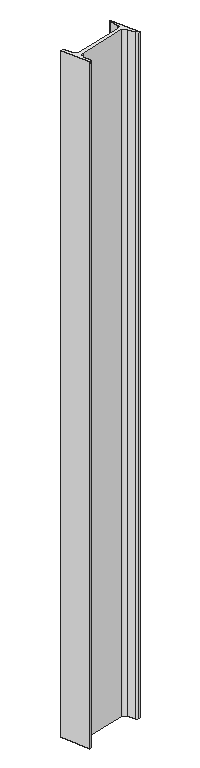
Revit family "M_S Formas-Coluna", category Pilares estruturais, Revit 2019
Family settings
  Forma do corte = Forma I do flange inclinado
  Material para o comportamento do modelo = Aço
  Exportar sempre como geometria = Não
  Redução da viga na planta = Da caixa de vinculação
  Family Name Key = M_S Shapes-Column
  Nome do código = AISC 14.1
  Número OmniClass = 23.25.30.11.14.11
  Título OmniClass = Columns
  ID de item do Seek = S-Shapes-Column-0000-CAN-ENU
  Corte com vazios quando carregada = Não
  Representação simbólica = Das configurações de projeto
  Compartilhado = Não
  Exibir o pré-corte da família na vista da planta = Sim
Parameters (values of type "S310X74")
  Largura = 139.00 mm
  Espessura da teia = 17.40 mm
  Concordância da teia = 16.70000 mm
  Constante da empena = 135000000000.0 mm6
  Momento de inércia de torção = 1150000.00 mm4
  Structural Material [instance] = Aço, 45-345
  Ângulo inclinado da flange = 9.46234°
  Chave do nome do corte = ""
  Área de corte = 9480.0 mm²
  Eixo fraco do módulo plástico = 169000.0 mm³
  Eixo forte do módulo plástico = 998000.0 mm³
  Peso nominal = 74.00 kgf/m
  Eixo fraco do momento de inércia = 6490000.00 mm4
  Eixo forte do momento de inércia = 126000000.00 mm4
  Altura = 305.00 mm
  Localização da espessura do flange = 30.40000 mm
  Espessura do flange = 16.70 mm
  Concordância do flange = 8.35000 mm
  Eixo fraco do módulo de elasticidade = 93200.0 mm³
  Eixo forte do módulo de elasticidade = 829000.0 mm³
  Centróide vertical = Altura / 2  # 152.50000 mm
  Centróide horizontal = Largura / 2  # 69.50000 mm
  Espaçamento do parafuso = 76.2 mm
  Assembly Code = ""
Reference planes
  plane 1: y = 0
  plane 2: z = 0
  plane 3: x = 0
  plane 4: y = 152.5
  plane 5: y = -152.5
  plane 6: x = -69.5
  plane 7: x = 69.5
  plane 8: y = 135.8
  plane 9: y = -135.8
  plane 10: x = -8.7
  plane 11: x = 8.7
Forms (mm)
  Sweep 1, solid, material "Aço, 45-345" <- "Structural Material", detail levels fine
    path origin (0, 0, 0) x (1, 0, 0) y (0, 0, 1)
      loop
        line (0, 0) -> (0, 3000)
    profile "S-Formas-Perfil-Fino : S-Formas-Perfil-Fino" origin (0, 0, 1500) x (-1, 0, 0) y (0, -1, 0)
      loop
        line (69.5, 147.94) -> (69.5, 152.5) -> (-69.5, 152.5) -> (-69.5, 147.94)
        arc (-69.5, 147.94) -> (-67.521, 142.543) -> (-62.523, 139.704) r 8.35
        line (-62.523, 139.704) -> (-39.1, 135.8) -> (-22.655, 133.059)
        arc (-22.655, 133.059) -> (-12.658, 127.381) -> (-8.7, 116.586) r 16.7
        line (-8.7, 116.586) -> (-8.7, -116.586)
        arc (-8.7, -116.586) -> (-12.658, -127.381) -> (-22.655, -133.059) r 16.7
        line (-22.655, -133.059) -> (-39.1, -135.8) -> (-62.523, -139.704)
        arc (-62.523, -139.704) -> (-67.521, -142.543) -> (-69.5, -147.94) r 8.35
        line (-69.5, -147.94) -> (-69.5, -152.5) -> (69.5, -152.5) -> (69.5, -147.94)
        arc (69.5, -147.94) -> (67.521, -142.543) -> (62.523, -139.704) r 8.35
        line (62.523, -139.704) -> (39.1, -135.8) -> (22.655, -133.059)
        arc (22.655, -133.059) -> (12.658, -127.381) -> (8.7, -116.586) r 16.7
        line (8.7, -116.586) -> (8.7, 116.586)
        arc (8.7, 116.586) -> (12.658, 127.381) -> (22.655, 133.059) r 16.7
        line (22.655, 133.059) -> (39.1, 135.8) -> (62.523, 139.704)
        arc (62.523, 139.704) -> (67.521, 142.543) -> (69.5, 147.94) r 8.35
  Sweep 2, solid, material "Aço, 45-345" <- "Structural Material", detail levels medium
    path origin (0, 0, 0) x (1, 0, 0) y (0, 0, 1)
      loop
        line (0, 3000) -> (0, 0)
    profile "S-Formas-Perfil-Médio : S-Formas-Perfil-Médio" origin (0, 0, 1500) x (1, 0, 0) y (0, -1, 0)
      loop
        line (69.5, 140.867) -> (69.5, 152.5) -> (-69.5, 152.5) -> (-69.5, 140.867) -> (-39.1, 135.8) -> (-8.7, 130.733) -> (-8.7, -130.733) -> (-39.1, -135.8) -> (-69.5, -140.867) -> (-69.5, -152.5) -> (69.5, -152.5) -> (69.5, -140.867) -> (39.1, -135.8) -> (8.7, -130.733) -> (8.7, 130.733) -> (39.1, 135.8) -> (69.5, 140.867)
Lines and regions (mm)
  symbolic lines, style "Faces ocultas", detail levels medium+fine
    curve 1: line (-8.7, 0, 0) -> (-8.7, 0, 3000)
    curve 2: line (8.7, 0, 3000) -> (8.7, 0, 0)
  symbolic lines, style "StructuralColumnStickSymbols", detail levels coarse
    curve 3: line (69.5, 152.5, 0) -> (-69.5, 152.5, 0)
    curve 4: line (-69.5, -152.5, 0) -> (69.5, -152.5, 0)
    curve 5: line (0, 152.5, 0) -> (0, -152.5, 0)
Dimensions and locks
  equal spacing: plane 5, plane 1, plane 4
  "Altura": plane 5 to plane 4
  equal spacing: plane 6, plane 3, plane 7
  "Largura": plane 6 to plane 7
  equal spacing: plane 10, plane 3, plane 11
  "Espessura da teia": plane 10 to plane 11
  "Espessura do flange": plane 8 to plane 4
  "Espessura do flange": plane 5 to plane 9
  aligned and locked: level to plane 2
  aligned and locked: plane 10 to curve 1
  aligned and locked: curve 2 to plane 11
  aligned and locked: plane 2 to curve 1
  aligned and locked: plane 2 to curve 2
  aligned and locked: curve 5 to plane 3
  aligned and locked: level to Sweep 1 sketch curve  (x2)
  aligned and locked: plane 3 to Sweep 1 sketch curve
  aligned and locked: level to Sweep 2 sketch curve  (x2)
  aligned and locked: Sweep 2 sketch curve to plane 3
Automatic sketch dimensions
  curve 3 to plane 6 = 0.00 mm
  curve 4 to plane 6 = 0.00 mm
  curve 4 to plane 7 = 0.00 mm
  curve 3 to plane 7 = 0.00 mm
  curve 2 to level = 0.00 mm
  curve 1 to level = 0.00 mm
  plane 5 to curve 4 = 0.00 mm
  plane 4 to curve 5 = 0.00 mm
Types in the file's own list only (27): name | Largura | Espessura da teia | Concordância da teia | Constante da empena | Momento de inércia de torção | Ângulo inclinado da flange | Chave do nome do corte | Área de corte | Eixo fraco do módulo plástico | Eixo forte do módulo plástico | Peso nominal | Eixo fraco do momento de inércia | Eixo forte do momento de inércia | Altura | Localização da espessura do flange | Espessura do flange | Concordância do flange | Eixo fraco do módulo de elasticidade | Eixo forte do módulo de elasticidade | Centróide vertical | Centróide horizontal | Espaçamento do parafuso
  S610X180 | 204.00000 mm | 20.30000 mm | 27.70000 mm | 3060000000000.0 mm6 | 5330000.00 mm4 | 9.46° | "S24X121" | 22900.0 mm² | 595000.0 mm³ | 5010000.0 mm³ | 180.00 kgf/m | 34500000.00 mm4 | 1320000000.00 mm4 | 622.00000 mm | 45.92500 mm | 27.70000 mm | 13.85000 mm | 338000.0 mm³ | 4230000.0 mm³ | 311.00000 mm | 102.00000 mm | 101.6 mm
  S610X158 | 200.00000 mm | 15.70000 mm | 27.70000 mm | 2820000000000.0 mm6 | 4200000.00 mm4 | 9.46° | "S24X106" | 20100.0 mm² | 547000.0 mm³ | 4570000.0 mm³ | 158.00 kgf/m | 32000000.00 mm4 | 1220000000.00 mm4 | 622.00000 mm | 46.07500 mm | 27.70000 mm | 13.85000 mm | 320000.0 mm³ | 3930000.0 mm³ | 311.00000 mm | 100.00000 mm | 101.6 mm
  S610X149 | 184.00000 mm | 18.90000 mm | 22.10000 mm | 1710000000000.0 mm6 | 3160000.00 mm4 | 9.46° | "S24X100" | 18900.0 mm² | 393000.0 mm³ | 3920000.0 mm³ | 149.00 kgf/m | 19700000.00 mm4 | 991000000.00 mm4 | 610.00000 mm | 41.27500 mm | 22.10000 mm | 11.05000 mm | 215000.0 mm³ | 3260000.0 mm³ | 305.00000 mm | 92.00000 mm | 101.6 mm
  S610X134 | 181.00000 mm | 15.90000 mm | 22.10000 mm | 1610000000000.0 mm6 | 2520000.00 mm4 | 9.46° | "S24X90" | 17100.0 mm² | 367000.0 mm³ | 3640000.0 mm³ | 134.00 kgf/m | 18600000.00 mm4 | 937000000.00 mm4 | 610.00000 mm | 41.27500 mm | 22.10000 mm | 11.05000 mm | 205000.0 mm³ | 3060000.0 mm³ | 305.00000 mm | 90.50000 mm | 101.6 mm
  S610X119 | 178.00000 mm | 12.70000 mm | 22.10000 mm | 1510000000000.0 mm6 | 2040000.00 mm4 | 9.46° | "S24X80" | 15200.0 mm² | 341000.0 mm³ | 3340000.0 mm³ | 119.00 kgf/m | 17500000.00 mm4 | 874000000.00 mm4 | 610.00000 mm | 41.32500 mm | 22.10000 mm | 11.05000 mm | 197000.0 mm³ | 2870000.0 mm³ | 305.00000 mm | 89.00000 mm | 101.6 mm
  S510X143 | 183.00000 mm | 20.30000 mm | 23.40000 mm | 1260000000000.0 mm6 | 3500000.00 mm4 | 9.46° | "S20X96" | 18200.0 mm² | 408000.0 mm³ | 3240000.0 mm³ | 143.00 kgf/m | 20800000.00 mm4 | 695000000.00 mm4 | 516.00000 mm | 40.67500 mm | 23.40000 mm | 11.70000 mm | 228000.0 mm³ | 2700000.0 mm³ | 258.00000 mm | 91.50000 mm | 101.6 mm
  S510X128 | 179.00000 mm | 16.80000 mm | 23.40000 mm | 1170000000000.0 mm6 | 2770000.00 mm4 | 9.46° | "S20X86" | 16300.0 mm² | 379000.0 mm³ | 3000000.0 mm³ | 128.00 kgf/m | 19400000.00 mm4 | 653000000.00 mm4 | 516.00000 mm | 40.55000 mm | 23.40000 mm | 11.70000 mm | 216000.0 mm³ | 2540000.0 mm³ | 258.00000 mm | 89.50000 mm | 101.6 mm
  S510X112 | 162.00000 mm | 16.10000 mm | 20.20000 mm | 730000000000.0 mm6 | 1910000.00 mm4 | 9.46° | "S20X75" | 14200.0 mm² | 274000.0 mm³ | 2490000.0 mm³ | 112.00 kgf/m | 12300000.00 mm4 | 533000000.00 mm4 | 508.00000 mm | 36.47500 mm | 20.20000 mm | 10.10000 mm | 152000.0 mm³ | 2100000.0 mm³ | 254.00000 mm | 81.00000 mm | 88.9 mm
  S510X98.2 | 159.00000 mm | 12.80000 mm | 20.20000 mm | 679000000000.0 mm6 | 1490000.00 mm4 | 9.46° | "S20X66" | 12500.0 mm² | 252000.0 mm³ | 2280000.0 mm³ | 98.20 kgf/m | 11400000.00 mm4 | 495000000.00 mm4 | 508.00000 mm | 36.55000 mm | 20.20000 mm | 10.10000 mm | 144000.0 mm³ | 1950000.0 mm³ | 254.00000 mm | 79.50000 mm | 88.9 mm
  S460X104 | 159.00000 mm | 18.10000 mm | 17.60000 mm | 483000000000.0 mm6 | 1710000.00 mm4 | 9.46° | "S18X70" | 13200.0 mm² | 234000.0 mm³ | 2030000.0 mm³ | 104.00 kgf/m | 9990000.00 mm4 | 384000000.00 mm4 | 457.00000 mm | 35.22500 mm | 17.60000 mm | 8.80000 mm | 126000.0 mm³ | 1690000.0 mm³ | 228.50000 mm | 79.50000 mm | 88.9 mm
  S460X81.4 | 152.00000 mm | 11.70000 mm | 17.60000 mm | 416000000000.0 mm6 | 970000.00 mm4 | 9.46° | "S18X54.7" | 10300.0 mm² | 198000.0 mm³ | 1700000.0 mm³ | 81.40 kgf/m | 8620000.00 mm4 | 333000000.00 mm4 | 457.00000 mm | 35.07500 mm | 17.60000 mm | 8.80000 mm | 113000.0 mm³ | 1460000.0 mm³ | 228.50000 mm | 76.00000 mm | 88.9 mm
  S380X74 | 143.00000 mm | 14.00000 mm | 15.80000 mm | 216000000000.0 mm6 | 882000.00 mm4 | 9.46° | "S15X50" | 9480.0 mm² | 164000.0 mm³ | 1260000.0 mm³ | 74.00 kgf/m | 6490000.00 mm4 | 202000000.00 mm4 | 381.00000 mm | 32.25000 mm | 15.80000 mm | 7.90000 mm | 90600.0 mm³ | 1060000.0 mm³ | 190.50000 mm | 71.50000 mm | 88.9 mm
  S380X64 | 140.00000 mm | 10.40000 mm | 15.80000 mm | 198000000000.0 mm6 | 641000.00 mm4 | 9.46° | "S15X42.9" | 8130.0 mm² | 149000.0 mm³ | 1130000.0 mm³ | 64.00 kgf/m | 5950000.00 mm4 | 186000000.00 mm4 | 381.00000 mm | 32.40000 mm | 15.80000 mm | 7.90000 mm | 85000.0 mm³ | 973000.0 mm³ | 190.50000 mm | 70.00000 mm | 88.9 mm
  S310X60.7 | 133.00000 mm | 11.70000 mm | 16.70000 mm | 116000000000.0 mm6 | 703000.00 mm4 | 9.46° | "S12X40.8" | 7680.0 mm² | 145000.0 mm³ | 864000.0 mm³ | 60.70 kgf/m | 5620000.00 mm4 | 112000000.00 mm4 | 305.00000 mm | 30.32500 mm | 16.70000 mm | 8.35000 mm | 84100.0 mm³ | 739000.0 mm³ | 152.50000 mm | 66.50000 mm | 76.2 mm
  S310X52 | 129.00000 mm | 10.90000 mm | 13.80000 mm | 86700000000.0 mm6 | 437000.00 mm4 | 9.46° | "S12X35" | 6580.0 mm² | 111000.0 mm³ | 731000.0 mm³ | 52.00 kgf/m | 4100000.00 mm4 | 94900000.00 mm4 | 305.00000 mm | 29.52500 mm | 13.80000 mm | 6.90000 mm | 63600.0 mm³ | 624000.0 mm³ | 152.50000 mm | 64.50000 mm | 76.2 mm
  S310X47.3 | 127.00000 mm | 8.89000 mm | 13.80000 mm | 82200000000.0 mm6 | 365000.00 mm4 | 9.46° | "S12X31.8" | 6010.0 mm² | 106000.0 mm³ | 685000.0 mm³ | 47.30 kgf/m | 3880000.00 mm4 | 90300000.00 mm4 | 305.00000 mm | 29.52750 mm | 13.80000 mm | 6.90000 mm | 61100.0 mm³ | 593000.0 mm³ | 152.50000 mm | 63.50000 mm | 76.2 mm
  S250X52 | 125.00000 mm | 15.10000 mm | 12.50000 mm | 50500000000.0 mm6 | 537000.00 mm4 | 9.46° | "S10X35" | 6650.0 mm² | 101000.0 mm³ | 580000.0 mm³ | 52.00 kgf/m | 3450000.00 mm4 | 61200000.00 mm4 | 254.00000 mm | 27.47500 mm | 12.50000 mm | 6.25000 mm | 55100.0 mm³ | 482000.0 mm³ | 127.00000 mm | 62.50000 mm | 69.9 mm
  S250X37.8 | 118.00000 mm | 7.90000 mm | 12.50000 mm | 40800000000.0 mm6 | 251000.00 mm4 | 9.46° | "S10X25.4" | 4810.0 mm² | 81800.0 mm³ | 464000.0 mm³ | 37.80 kgf/m | 2800000.00 mm4 | 51200000.00 mm4 | 254.00000 mm | 27.52500 mm | 12.50000 mm | 6.25000 mm | 47400.0 mm³ | 403000.0 mm³ | 127.00000 mm | 59.00000 mm | 69.9 mm
  S200X34 | 106.00000 mm | 11.20000 mm | 10.80000 mm | 16400000000.0 mm6 | 229000.00 mm4 | 9.46° | "S8X23" | 4360.0 mm² | 60100.0 mm³ | 315000.0 mm³ | 34.00 kgf/m | 1780000.00 mm4 | 26900000.00 mm4 | 203.00000 mm | 23.70000 mm | 10.80000 mm | 5.40000 mm | 33600.0 mm³ | 265000.0 mm³ | 101.50000 mm | 53.00000 mm | 57.2 mm
  S200X27.4 | 102.00000 mm | 6.88000 mm | 10.80000 mm | 14200000000.0 mm6 | 139000.00 mm4 | 9.46° | "S8X18.4" | 3480.0 mm² | 52100.0 mm³ | 270000.0 mm³ | 27.40 kgf/m | 1540000.00 mm4 | 23900000.00 mm4 | 203.00000 mm | 23.78000 mm | 10.80000 mm | 5.40000 mm | 30200.0 mm³ | 236000.0 mm³ | 101.50000 mm | 51.00000 mm | 57.2 mm
  S150X25.7 | 90.70000 mm | 11.80000 mm | 9.12000 mm | 4890000000.0 mm6 | 154000.00 mm4 | 9.46° | "S6X17.25" | 3260.0 mm² | 38500.0 mm³ | 172000.0 mm³ | 25.70 kgf/m | 953000.00 mm4 | 10900000.00 mm4 | 152.00000 mm | 19.72500 mm | 9.12000 mm | 4.56000 mm | 21000.0 mm³ | 143000.0 mm³ | 76.00000 mm | 45.35000 mm | 0.0 mm
  S150X18.6 | 84.60000 mm | 5.89000 mm | 9.12000 mm | 3840000000.0 mm6 | 69500.00 mm4 | 9.46° | "S6X12.5" | 2360.0 mm² | 30500.0 mm³ | 138000.0 mm³ | 18.60 kgf/m | 749000.00 mm4 | 9160000.00 mm4 | 152.00000 mm | 19.67750 mm | 9.12000 mm | 4.56000 mm | 17700.0 mm³ | 120000.0 mm³ | 76.00000 mm | 42.30000 mm | 0.0 mm
  S130X15 | 76.20000 mm | 5.44000 mm | 8.28000 mm | 1750000000.0 mm6 | 47500.00 mm4 | 9.46° | "S5X10" | 1890.0 mm² | 22500.0 mm³ | 92800.0 mm³ | 15.00 kgf/m | 495000.00 mm4 | 5120000.00 mm4 | 127.00000 mm | 17.69000 mm | 8.28000 mm | 4.14000 mm | 13000.0 mm³ | 80300.0 mm³ | 63.50000 mm | 38.10000 mm | 0.0 mm
  S100X14.1 | 71.10000 mm | 8.28000 mm | 7.44000 mm | 819000000.0 mm6 | 49900.00 mm4 | 9.46° | "S4X9.5" | 1800.0 mm² | 18500.0 mm³ | 66200.0 mm³ | 14.10 kgf/m | 369000.00 mm4 | 2810000.00 mm4 | 102.00000 mm | 15.70500 mm | 7.44000 mm | 3.72000 mm | 10400.0 mm³ | 55400.0 mm³ | 51.00000 mm | 35.55000 mm | 0.0 mm
  S100X11.5 | 67.60000 mm | 4.90000 mm | 7.44000 mm | 690000000.0 mm6 | 30500.00 mm4 | 9.46° | "S4X7.7" | 1460.0 mm² | 15900.0 mm³ | 57400.0 mm³ | 11.50 kgf/m | 311000.00 mm4 | 2520000.00 mm4 | 102.00000 mm | 15.67500 mm | 7.44000 mm | 3.72000 mm | 9210.0 mm³ | 49700.0 mm³ | 51.00000 mm | 33.80000 mm | 0.0 mm
  S75X11.2 | 63.80000 mm | 8.86000 mm | 6.60000 mm | 290000000.0 mm6 | 37300.00 mm4 | 9.46° | "S3X7.5" | 1420.0 mm² | 13500.0 mm³ | 38500.0 mm³ | 11.20 kgf/m | 241000.00 mm4 | 1210000.00 mm4 | 76.20000 mm | 13.73500 mm | 6.60000 mm | 3.30000 mm | 7550.0 mm³ | 31800.0 mm³ | 38.10000 mm | 31.90000 mm | 0.0 mm
  S75X8.5 | 59.20000 mm | 4.32000 mm | 6.60000 mm | 225000000.0 mm6 | 18000.00 mm4 | 9.46° | "S3X5.7" | 1070.0 mm² | 10700.0 mm³ | 31800.0 mm³ | 8.50 kgf/m | 186000.00 mm4 | 1040000.00 mm4 | 76.20000 mm | 13.72000 mm | 6.60000 mm | 3.30000 mm | 6280.0 mm³ | 27400.0 mm³ | 38.10000 mm | 29.60000 mm | 0.0 mm
